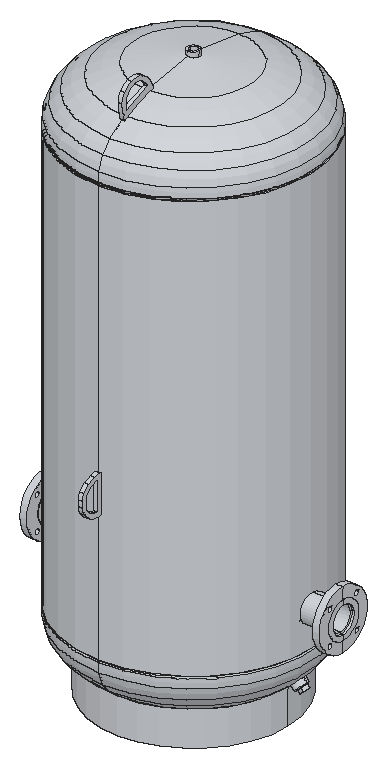
Revit family "CBT-200-3", category Generic Models, Revit 2014
Parameters (values of type "CBT-200-2")
  URL = "http://westank.com/"
  Part Number = 55300200
  Model = "CBT-200-2"
  Maximum Shipping Weight = 555 lbf
  Flange Connector Diameter = 3"
  Description = "Wessels ASME Chilled Water Buffer Tanks (CBT) are designed for chilled water systems with insufficient water volume capacity in relation to the chiller capacity."
  D = 14 1/2"
  C = 24"
  B = 72"
  A = 30"
Reference planes (in)
  plane 1 "Center (Front/Back)": y = 0
  plane 2: z = 0
  plane 3 "Center (Left/Right)": x = 0
  plane 4: through (12.55282, -180, 5.24135) normal (0.8192, 0, -0.5736)
  plane 5: x = -15
  plane 6: x = 15
  plane 7: z = 0
  plane 8: z = 72
  plane 9: y = 15
  plane 10: y = -15
  plane 11: x = -12
  plane 12: x = 12
  plane 13: z = 14.5
Forms (in)
  Revolve 1, solid
    sketch origin (0, -0.02461, 0) x (0, 1, 0) y (0, 0, 1)
      loop
        line (-14.97539, 9.87397) -> (-14.812, 9.87397)
        arc (-14.812, 9.87397) -> (-14.83596, 9.78454) -> (-14.90143, 9.71907) r 0.17887
        arc (-14.90143, 9.71907) -> (-14.94991, 9.64836) -> (-14.97579, 9.56662) r 0.29232
        arc (-14.97579, 9.56662) -> (-14.96586, 8.98455) -> (-14.89468, 8.40676) r 5.51955
        arc (-14.89468, 8.40676) -> (-14.65184, 7.56116) -> (-14.23912, 6.78419) r 4.22443
        arc (-14.23912, 6.78419) -> (-13.71208, 6.0842) -> (-13.11424, 5.44361) r 8.30764
        arc (-13.11424, 5.44361) -> (-11.99363, 4.5369) -> (-10.73315, 3.83755) r 8.30764
        arc (-10.73315, 3.83755) -> (-9.02248, 3.06195) -> (-7.23223, 2.49367) r 15.88746
        arc (-7.23223, 2.49367) -> (-3.63165, 1.79117) -> (0.02461, 1.49214) r 33.04234
        line (0.02461, 1.49214) -> (0.02461, 1.66407)
        arc (0.02461, 1.66407) -> (-3.61037, 1.96174) -> (-7.19, 2.66027) r 32.87047
        arc (-7.19, 2.66027) -> (-8.96351, 3.22342) -> (-10.65802, 3.99223) r 15.71558
        arc (-10.65802, 3.99223) -> (-11.8952, 4.67783) -> (-12.99495, 5.56734) r 8.13577
        arc (-12.99495, 5.56734) -> (-13.58042, 6.19468) -> (-14.09655, 6.88019) r 8.13577
        arc (-14.09655, 6.88019) -> (-14.49248, 7.62554) -> (-14.72544, 8.43674) r 4.05256
        arc (-14.72544, 8.43674) -> (-14.79395, 8.9901) -> (-14.80447, 9.54759) r 5.34767
        arc (-14.80447, 9.54759) -> (-14.7971, 9.56945) -> (-14.78569, 9.5895) r 0.12044
        arc (-14.78569, 9.5895) -> (-14.67439, 9.72277) -> (-14.64064, 9.89308) r 0.35074
        line (-14.64064, 9.89308) -> (-14.84715, 9.89308) -> (-14.84715, 63.61189) -> (-14.64151, 63.61189)
        arc (-14.64151, 63.61189) -> (-14.67184, 63.78882) -> (-14.78573, 63.92758) r 0.35074
        arc (-14.78573, 63.92758) -> (-14.79712, 63.94763) -> (-14.80449, 63.96948) r 0.12045
        arc (-14.80449, 63.96948) -> (-14.79397, 64.52697) -> (-14.72546, 65.08033) r 5.34768
        arc (-14.72546, 65.08033) -> (-14.4925, 65.89153) -> (-14.09657, 66.63689) r 4.05257
        arc (-14.09657, 66.63689) -> (-13.58043, 67.3224) -> (-12.99497, 67.94973) r 8.13578
        arc (-12.99497, 67.94973) -> (-11.89524, 68.83924) -> (-10.65807, 69.52483) r 8.13578
        arc (-10.65807, 69.52483) -> (-8.96355, 70.29364) -> (-7.19005, 70.85678) r 15.71558
        arc (-7.19005, 70.85678) -> (-3.61055, 71.55529) -> (0.02429, 71.85297) r 32.87045
        line (0.02429, 71.85297) -> (0.02429, 72.02671)
        arc (0.02429, 72.02671) -> (-3.63245, 71.72766) -> (-7.2335, 71.02507) r 33.04334
        arc (-7.2335, 71.02507) -> (-9.02402, 70.45667) -> (-10.73493, 69.68092) r 15.88853
        arc (-10.73493, 69.68092) -> (-11.99625, 68.98117) -> (-13.11754, 68.07383) r 8.30893
        arc (-13.11754, 68.07383) -> (-13.7162, 67.43239) -> (-14.24389, 66.7314) r 8.30923
        arc (-14.24389, 66.7314) -> (-14.65697, 65.95395) -> (-14.90005, 65.1078) r 4.22701
        arc (-14.90005, 65.1078) -> (-14.97148, 64.52727) -> (-14.98111, 63.94244) r 5.52257
        arc (-14.98111, 63.94244) -> (-14.95423, 63.85606) -> (-14.90267, 63.78173) r 0.29803
        arc (-14.90267, 63.78173) -> (-14.837, 63.7147) -> (-14.81302, 63.62397) r 0.18362
        line (-14.81302, 63.62397) -> (-14.97539, 63.62397) -> (-14.97539, 9.87397)
      axis (0.02461, 1.49214) -> (0.02461, 72.02671)
    angle from 0 to 360
  Revolve 2, solid
    sketch origin (0, 0, -0.00013) x (-1, 0, 0) y (0, 0, 1)
      loop
        line (17.81367, 12.75376) -> (17.81367, 12.37446) -> (18.06367, 12.37446) -> (18.06367, 10.7502) -> (18.9375, 10.7502) -> (18.9375, 12.18553) -> (19, 12.18553) -> (19, 12.75376) -> (17.81367, 12.75376)
      axis (19, 14.50013) -> (17.81367, 14.50013)
    angle from 0 to 360
  Revolve 3, solid
    sketch origin (-1.82085, 0, 2.88409) x (0.981353, 0, -0.192215) y (0.192215, 0, 0.981353)
      loop
        line (14.71753, 6.11956) -> (14.66586, 6.1556) -> (14.25436, 5.56561) -> (14.86992, 5.13627) -> (15.24588, 5.6753) -> (15.19462, 5.71106) -> (15.31904, 5.88945) -> (14.80641, 6.24699) -> (14.71753, 6.11956)
      axis (14.25436, 5.56561) -> (14.86992, 5.13627)
    angle from 0 to 360
  Extrusion 4, solid
    sketch origin (13.38203, -180, 6.13049) x (0.718765, 0, 0.695254) y (0, -1, 0)
      loop
        line (-0.16036, -179.52645) -> (-0.95521, -179.68698) -> (-0.79485, -180.48095) -> (0, -180.32042) -> (-0.16036, -179.52645)
    from 1.02698 to 1.52678
  Extrusion 5, solid
    sketch origin (0, -2.93535, 4.97257) x (0, 1, 0) y (0, 0, 1)
      loop
        line (-11.80939, 21.32958) -> (-11.80939, 26.20627)
        arc (-11.80939, 26.20627) -> (-12.41648, 26.16001) -> (-13.01533, 26.05008) r 5.77422
        arc (-13.01533, 26.05008) -> (-13.49297, 25.89754) -> (-13.94252, 25.67548) r 3.35288
        arc (-13.94252, 25.67548) -> (-14.34081, 25.36666) -> (-14.64962, 24.96837) r 2.0073
        arc (-14.64962, 24.96837) -> (-14.80343, 24.58932) -> (-14.88788, 24.18906) r 2.30742
        arc (-14.88788, 24.18906) -> (-14.91277, 23.77188) -> (-14.88788, 23.3547) r 3.50846
        arc (-14.88788, 23.3547) -> (-14.79412, 22.92876) -> (-14.61961, 22.52904) r 2.24053
        arc (-14.61961, 22.52904) -> (-14.27401, 22.08806) -> (-13.80999, 21.77406) r 1.8078
        arc (-13.80999, 21.77406) -> (-13.34321, 21.55591) -> (-12.84107, 21.44044) r 2.44481
        arc (-12.84107, 21.44044) -> (-12.32833, 21.35617) -> (-11.80939, 21.32958) r 4.65484
      loop
        arc (-12.44611, 25.63929) -> (-12.67227, 25.60073) -> (-12.89654, 25.55235) r 5.2625
        arc (-12.89654, 25.55235) -> (-13.30128, 25.42308) -> (-13.68221, 25.23491) r 2.84116
        arc (-13.68221, 25.23491) -> (-13.97364, 25.01013) -> (-14.20134, 24.72098) r 1.49558
        arc (-14.20134, 24.72098) -> (-14.3163, 24.43235) -> (-14.37979, 24.12821) r 1.7957
        arc (-14.37979, 24.12821) -> (-14.40106, 23.77188) -> (-14.37979, 23.41555) r 2.99674
        arc (-14.37979, 23.41555) -> (-14.30745, 23.08689) -> (-14.17279, 22.77846) r 1.72881
        arc (-14.17279, 22.77846) -> (-13.91552, 22.45353) -> (-13.56884, 22.22643) r 1.29608
        arc (-13.56884, 22.22643) -> (-13.1779, 22.0402) -> (-12.75531, 21.94566) r 1.9331
        arc (-12.75531, 21.94566) -> (-12.60126, 21.91347) -> (-12.44611, 21.88716) r 4.14312
        line (-12.44611, 21.88716) -> (-12.44611, 25.63929)
    from -0.24366 to 0.25634
  Extrusion 6, solid
    sketch origin (0, -26.96034, 51.14612) x (0, 0.366501, -0.930418) y (0, 0.930418, 0.366501)
      loop
        arc (-11.9298, 25.67102) -> (-12.15596, 25.63246) -> (-12.38023, 25.58408) r 5.2625
        arc (-12.38023, 25.58408) -> (-12.78497, 25.45482) -> (-13.16591, 25.26664) r 2.84116
        arc (-13.16591, 25.26664) -> (-13.45733, 25.04186) -> (-13.68503, 24.75271) r 1.49558
        arc (-13.68503, 24.75271) -> (-13.8, 24.46408) -> (-13.86349, 24.15994) r 1.7957
        arc (-13.86349, 24.15994) -> (-13.88475, 23.80361) -> (-13.86349, 23.44728) r 2.99674
        arc (-13.86349, 23.44728) -> (-13.79114, 23.11862) -> (-13.65649, 22.81019) r 1.72881
        arc (-13.65649, 22.81019) -> (-13.39922, 22.48527) -> (-13.05253, 22.25816) r 1.29608
        arc (-13.05253, 22.25816) -> (-12.66159, 22.07193) -> (-12.239, 21.97739) r 1.9331
        arc (-12.239, 21.97739) -> (-12.08496, 21.94521) -> (-11.9298, 21.91889) r 4.14312
        line (-11.9298, 21.91889) -> (-11.9298, 25.67102)
      loop
        line (-10.9298, 21.34797) -> (-10.9298, 26.14148)
        arc (-10.9298, 26.14148) -> (-11.99706, 26.18465) -> (-13.02719, 25.90227) r 3.48194
        arc (-13.02719, 25.90227) -> (-13.54727, 25.6041) -> (-13.99851, 25.20943) r 3.03185
        arc (-13.99851, 25.20943) -> (-14.28248, 24.55653) -> (-14.39992, 23.8543) r 2.91879
        arc (-14.39992, 23.8543) -> (-14.3348, 23.1787) -> (-14.08611, 22.54717) r 2.44012
        arc (-14.08611, 22.54717) -> (-13.716, 22.08641) -> (-13.21844, 21.76749) r 1.83162
        arc (-13.21844, 21.76749) -> (-12.09799, 21.42749) -> (-10.9298, 21.34797) r 5.1769
    from -0.24366 to 0.25634
  Extrusion 7, solid
    sketch origin (0, 0, 0) x (1, 0, 0) y (0, 1, 0)
      loop
        circle (0, 0) r 0.75
      loop
        circle (0, 0) r 0.5
    from 71.36613 to 72.49354
  Extrusion 8, void
    sketch origin (0, 0.13917, 0.41738) x (0, 1, 0) y (0, 0, -1)
      loop
        circle (1.95902, -16.21103) r 0.37532
      loop
        circle (2.0068, -11.95417) r 0.37532
      loop
        circle (-2.26242, -16.18597) r 0.37532
      loop
        circle (-2.23501, -11.97923) r 0.37532
    from 15.80097 to 20.25
  Extrusion 9, void
    sketch origin (0, 0, 0) x (1, 0, 0) y (0, 1, 0)
      loop
        circle (0, 0) r 0.5
    from 70.90268 to 73.75579
  Revolve 10, solid
    sketch origin (0, 0, 0) x (1, 0, 0) y (0, 0, 1)
      loop
        line (11.87609, 4.44941) -> (11.87609, 0) -> (12, 0) -> (12, 4.44941) -> (11.87609, 4.44941)
      axis (0, 4.44941) -> (0, 0)
    angle from 0 to 360
  Revolve 11, solid
    sketch origin (0, 0, -0.00013) x (1, 0, 0) y (0, 0, 1)
      loop
        line (-14.37585, 12.96677) -> (-18.625, 12.96677) -> (-18.625, 12.74998) -> (-14.37585, 12.74998) -> (-14.37585, 12.96677)
      axis (-18.625, 14.50013) -> (-14.37585, 14.50013)
    angle from 0 to 360
  Extrusion 12, void
    sketch origin (0, 0, 0.25) x (0, 1, 0) y (0, 0, 1)
      loop
        circle (0, 14.25) r 1.53336
    from -18.86806 to 18.76515
  Revolve 13, solid
    sketch origin (0, 0, -0.00013) x (1, 0, 0) y (0, 0, 1)
      loop
        line (17.81367, 12.75376) -> (17.81367, 12.37446) -> (18.06367, 12.37446) -> (18.06367, 10.7502) -> (18.9375, 10.7502) -> (18.9375, 12.18553) -> (19, 12.18553) -> (19, 12.75376) -> (17.81367, 12.75376)
      axis (19, 14.50013) -> (17.81367, 14.50013)
    angle from 0 to 360
  Extrusion 14, void
    sketch origin (0, 0.13917, 0.41738) x (0, 1, 0) y (0, 0, 1)
      loop
        circle (1.95902, 16.21103) r 0.37532
      loop
        circle (2.0068, 11.95417) r 0.37532
      loop
        circle (-2.26242, 16.18597) r 0.37532
      loop
        circle (-2.23501, 11.97923) r 0.37532
    from 15.80097 to 20.25
  Revolve 15, solid
    sketch origin (0, 0, -0.00013) x (-1, 0, 0) y (0, 0, 1)
      loop
        line (-14.37585, 12.96677) -> (-18.625, 12.96677) -> (-18.625, 12.74998) -> (-14.37585, 12.74998) -> (-14.37585, 12.96677)
      axis (-18.625, 14.50013) -> (-14.37585, 14.50013)
    angle from 0 to 360
Cuts and joins
  joined: Extrusion 4, Extrusion 5, Extrusion 6, Extrusion 7, Revolve 10
  Extrusion 9, Extrusion 12 cuts Revolve 1
  Extrusion 8, Extrusion 14 cuts Revolve 2
  Extrusion 14 cuts Revolve 13
Dimensions and locks (in)
  equal spacing: plane 6, plane 3 "Center (Left/Right)", plane 5
  "A": plane 6 to plane 5
  "B": plane 8 to level
  equal spacing: plane 9, plane 1 "Center (Front/Back)", plane 10
  "A": plane 9 to plane 10
  equal spacing: plane 12, plane 3 "Center (Left/Right)", plane 11
  "C": plane 12 to plane 11
  "D": plane 13 to level
  aligned and locked: plane 2 to level
  aligned and locked: Revolve 10 sketch curve to plane 3 "Center (Left/Right)"
Automatic sketch dimensions
  Revolve 1 sketch curve to Revolve 1 sketch curve = 0"  (x33)
  Revolve 1 sketch curve to plane 10 = 0"
  Revolve 1 sketch curve to plane 1 "Center (Front/Back)" = 0"  (x2)
  Revolve 1 sketch curve to Revolve 1 sketch curve = 0.01547"
  plane 10 to Revolve 1 sketch curve = 0.01547"
  Revolve 1 sketch curve to Revolve 1 sketch curve = 0.00578"
  Revolve 1 sketch curve to plane 10 = 0.12824"
  Revolve 1 sketch curve to Revolve 1 sketch curve = 0.03413"
  Revolve 1 sketch curve to Revolve 1 sketch curve = 9/256"
  Revolve 1 sketch curve to plane 10 = 0.28821"
  Revolve 1 sketch curve to plane 10 = 0.28822"
  Revolve 1 sketch curve to Revolve 1 sketch curve = 0.00078"
  Revolve 1 sketch curve to Revolve 1 sketch curve = 0.17151"
  Revolve 1 sketch curve to Revolve 1 sketch curve = 0.17135"
  Revolve 1 sketch curve to Revolve 1 sketch curve = 3.94929"
  Revolve 1 sketch curve to Revolve 1 sketch curve = 0.00287"
  Revolve 1 sketch curve to Revolve 1 sketch curve = 3.95216"
  Revolve 1 sketch curve to Revolve 1 sketch curve = 1.2728"
  Revolve 1 sketch curve to Revolve 1 sketch curve = 0.00246"
  Revolve 1 sketch curve to Revolve 1 sketch curve = 1.27526"
  Revolve 1 sketch curve to Revolve 1 sketch curve = 2.11145"
  Revolve 1 sketch curve to Revolve 1 sketch curve = 0.00084"
  Revolve 1 sketch curve to Revolve 1 sketch curve = 0.00187"
  Revolve 1 sketch curve to Revolve 1 sketch curve = 2.11171"
  plane 1 "Center (Front/Back)" to Revolve 1 sketch curve = 3.35442"
  Revolve 1 sketch curve to Revolve 1 sketch curve = 0.00082"
  plane 1 "Center (Front/Back)" to Revolve 1 sketch curve = 3.35353"
  plane 1 "Center (Front/Back)" to Revolve 1 sketch curve = 0.00031"
  Revolve 1 sketch curve to plane 1 "Center (Front/Back)" = 0.86039"
  Revolve 1 sketch curve to Revolve 1 sketch curve = 0.00067"
  Revolve 1 sketch curve to plane 1 "Center (Front/Back)" = 0.86116"
  level to Revolve 1 sketch curve = 1.49214"
  Revolve 1 sketch curve to Revolve 1 sketch curve = 0.17193"
  Revolve 1 sketch curve to plane 13 = 5.35634"
  Revolve 1 sketch curve to Revolve 1 sketch curve = 0.22592"
  Revolve 1 sketch curve to Revolve 1 sketch curve = 0.37656"
  Revolve 1 sketch curve to Revolve 1 sketch curve = 0.35376"
  Revolve 1 sketch curve to Revolve 1 sketch curve = 0.01911"  (x2)
  Revolve 1 sketch curve to Revolve 1 sketch curve = 2 7/128"
  plane 13 to Revolve 1 sketch curve = 3.39417"
  Revolve 1 sketch curve to Revolve 1 sketch curve = 16.62909"
  Revolve 1 sketch curve to Revolve 1 sketch curve = 4.47055"
  Revolve 1 sketch curve to Revolve 1 sketch curve = 0.00077"
  Revolve 1 sketch curve to plane 8 = 16.37712"
  Revolve 1 sketch curve to Revolve 1 sketch curve = 0.00068"
  Revolve 1 sketch curve to Revolve 1 sketch curve = 6.46799"
  Revolve 1 sketch curve to Revolve 1 sketch curve = 0.00123"
  Revolve 1 sketch curve to Revolve 1 sketch curve = 0.00005"
  Revolve 1 sketch curve to Revolve 1 sketch curve = 1.52034"
  Revolve 1 sketch curve to Revolve 1 sketch curve = 0.01209"
  Revolve 1 sketch curve to Revolve 1 sketch curve = 0.3749"
  Revolve 1 sketch curve to Revolve 1 sketch curve = 0.01007"
  Revolve 1 sketch curve to Revolve 1 sketch curve = 2.05124"
  Revolve 1 sketch curve to Revolve 1 sketch curve = 0.00348"
  Revolve 1 sketch curve to Revolve 1 sketch curve = 0.2261"
  Revolve 1 sketch curve to Revolve 1 sketch curve = 0.0033"
  Revolve 1 sketch curve to plane 8 = 0.14703"
  plane 8 to Revolve 1 sketch curve = 0.02671"
  plane 10 to Revolve 1 sketch curve = 0.0004"
  plane 10 to Revolve 1 sketch curve = 0.00572"
  Revolve 1 sketch curve to plane 10 = 0.07272"
  Revolve 1 sketch curve to plane 10 = 0.07396"
  Revolve 1 sketch curve to Revolve 1 sketch curve = 0.11808"
  Revolve 1 sketch curve to Revolve 1 sketch curve = 0.11729"
  Revolve 1 sketch curve to Revolve 1 sketch curve = 0.01876"
  Revolve 1 sketch curve to Revolve 1 sketch curve = 0.01878"
  Revolve 1 sketch curve to Revolve 1 sketch curve = 0.14732"
  Revolve 1 sketch curve to Revolve 1 sketch curve = 0.97903"
  Revolve 1 sketch curve to Revolve 1 sketch curve = 0.98231"
  Revolve 1 sketch curve to Revolve 1 sketch curve = 0.12257"
  Revolve 1 sketch curve to Revolve 1 sketch curve = 0.1193"
  Revolve 1 sketch curve to plane 8 = 2.31908"
  Revolve 1 sketch curve to Revolve 1 sketch curve = 2.26179"
  Revolve 1 sketch curve to Revolve 1 sketch curve = 0.07686"
  Revolve 1 sketch curve to Revolve 1 sketch curve = 0.07513"
  Revolve 1 sketch curve to Revolve 1 sketch curve = 5.63017"
  Revolve 1 sketch curve to Revolve 1 sketch curve = 1.88017"
  Revolve 2 sketch curve to plane 13 = 0"
  plane 5 to Revolve 2 sketch curve = 2.81367"
  Revolve 2 sketch curve to Revolve 2 sketch curve = 1/4"
  Revolve 2 sketch curve to Revolve 2 sketch curve = 0.87383"
  Revolve 2 sketch curve to Revolve 2 sketch curve = 1/16"
  plane 13 to Revolve 2 sketch curve = 1.74637"
  Revolve 2 sketch curve to Revolve 2 sketch curve = 0.3793"
  Revolve 2 sketch curve to Revolve 2 sketch curve = 0.56823"
  Revolve 2 sketch curve to Revolve 2 sketch curve = 1.62426"
  Revolve 2 sketch curve to plane 5 = 0.66921"
  Revolve 2 sketch curve to Revolve 2 sketch curve = 0.68278"
  plane 4 to Revolve 3 sketch curve = 0.35169"
  plane 12 to Revolve 3 sketch curve = 1.2375"
  Revolve 3 sketch curve to Revolve 3 sketch curve = 0.4115"
  Revolve 3 sketch curve to Revolve 3 sketch curve = 0.05167"
  Revolve 3 sketch curve to Revolve 3 sketch curve = 0.08888"
  Revolve 3 sketch curve to Revolve 3 sketch curve = 0.61556"
  Revolve 3 sketch curve to Revolve 3 sketch curve = 0.47709"
  Revolve 3 sketch curve to Revolve 3 sketch curve = 0.05126"
  Revolve 3 sketch curve to Revolve 3 sketch curve = 0.42934"
  Revolve 3 sketch curve to Revolve 3 sketch curve = 0.12768"
  Revolve 3 sketch curve to Revolve 3 sketch curve = 0"  (x2)
  Revolve 3 sketch curve to Revolve 3 sketch curve = 0.08905"
  plane 1 "Center (Front/Back)" to Extrusion 4 sketch curve = 0.31302"
  Extrusion 4 sketch curve to plane 1 "Center (Front/Back)" = 0.48095"
  Extrusion 4 sketch curve to Extrusion 4 sketch curve = 0.16036"  (x2)
  plane 1 "Center (Front/Back)" to Extrusion 4 sketch curve = 0.47355"
  Extrusion 4 sketch curve to Extrusion 4 sketch curve = 0.79485"
  Extrusion 4 sketch curve to plane 1 "Center (Front/Back)" = 0.32042"
  Extrusion 5 sketch curve to Extrusion 5 sketch curve = 0"  (x24)
  plane 10 to Extrusion 5 sketch curve = 0.97644"
  Extrusion 5 sketch curve to Extrusion 5 sketch curve = 0.11966"
  Extrusion 5 sketch curve to Extrusion 5 sketch curve = 0.25819"
  Extrusion 5 sketch curve to Extrusion 5 sketch curve = 17/256"
  Extrusion 5 sketch curve to Extrusion 5 sketch curve = 0.04958"
  plane 10 to Extrusion 5 sketch curve = 0.38146"
  plane 10 to Extrusion 5 sketch curve = 0.17231"
  Extrusion 5 sketch curve to plane 10 = 0.25526"
  Extrusion 5 sketch curve to plane 10 = 0.23364"
  Extrusion 5 sketch curve to plane 10 = 0.38981"
  Extrusion 5 sketch curve to plane 10 = 0.66033"
  plane 13 to Extrusion 5 sketch curve = 10.90619"
  Extrusion 5 sketch curve to Extrusion 5 sketch curve = 0.89596"
  Extrusion 5 sketch curve to Extrusion 5 sketch curve = 0.55758"
  Extrusion 5 sketch curve to Extrusion 5 sketch curve = 0.90165"
  Extrusion 5 sketch curve to Extrusion 5 sketch curve = 0.62139"
  Extrusion 5 sketch curve to Extrusion 5 sketch curve = 27/128"
  Extrusion 5 sketch curve to Extrusion 5 sketch curve = 0.15076"
  Extrusion 5 sketch curve to Extrusion 5 sketch curve = 0.24641"
  Extrusion 5 sketch curve to Extrusion 5 sketch curve = 0.04716"
  Extrusion 5 sketch curve to Extrusion 5 sketch curve = 0.0326"
  Extrusion 5 sketch curve to Extrusion 5 sketch curve = 1.7246"
  Extrusion 5 sketch curve to Extrusion 5 sketch curve = 0.34507"
  Extrusion 5 sketch curve to Extrusion 5 sketch curve = 0.2219"
  Extrusion 5 sketch curve to Extrusion 5 sketch curve = 1.12273"
  Extrusion 5 sketch curve to Extrusion 5 sketch curve = 0.78568"
  Extrusion 5 sketch curve to Extrusion 5 sketch curve = 0.24115"
  Extrusion 5 sketch curve to Extrusion 5 sketch curve = 0.2603"
  Extrusion 5 sketch curve to Extrusion 5 sketch curve = 0.60395"
  Extrusion 5 sketch curve to Extrusion 5 sketch curve = 0.51913"
  Extrusion 5 sketch curve to Extrusion 5 sketch curve = 0.44682"
  Extrusion 5 sketch curve to Extrusion 5 sketch curve = 0.44829"
  Extrusion 7 sketch curve to Extrusion 7 sketch curve = 0"  (x2)
  plane 1 "Center (Front/Back)" to Extrusion 7 sketch curve = 0"
  Extrusion 7 sketch curve to plane 3 "Center (Left/Right)" = 0"
  plane 1 "Center (Front/Back)" to Extrusion 8 sketch curve = 2.12326"
  plane 1 "Center (Front/Back)" to Extrusion 8 sketch curve = 2.09584"
  Extrusion 8 sketch curve to plane 1 "Center (Front/Back)" = 2.09819"
  Extrusion 8 sketch curve to plane 1 "Center (Front/Back)" = 2.14597"
  plane 13 to Extrusion 8 sketch curve = 2.12841"
  plane 13 to Extrusion 8 sketch curve = 2.10334"
  Extrusion 8 sketch curve to plane 13 = 2.10339"
  Extrusion 8 sketch curve to plane 13 = 2.12846"
  Extrusion 9 sketch curve to Extrusion 9 sketch curve = 0"  (x2)
  plane 1 "Center (Front/Back)" to Extrusion 9 sketch curve = 0"
  Extrusion 9 sketch curve to plane 3 "Center (Left/Right)" = 0"
  Extrusion 9 sketch curve to plane 3 "Center (Left/Right)" = 1/2"
  Revolve 10 sketch curve to level = 0"
  Revolve 10 sketch curve to plane 12 = 0"
  Revolve 10 sketch curve to plane 12 = 0.12391"
  level to Revolve 10 sketch curve = 4.44941"
  level to Revolve 10 sketch curve = 4.69941"
  Revolve 10 sketch curve to Revolve 10 sketch curve = 1"
  Revolve 11 sketch curve to plane 13 = 0"
  Revolve 11 sketch curve to plane 13 = 1.53336"
  Revolve 11 sketch curve to plane 5 = 3 5/8"
  plane 5 to Revolve 11 sketch curve = 0.62415"
  Revolve 11 sketch curve to Revolve 11 sketch curve = 0.2168"
  plane 5 to Revolve 11 sketch curve = 0.51485"
  Revolve 11 sketch curve to Revolve 11 sketch curve = 0.36015"
  Revolve 13 sketch curve to plane 13 = 0"
  plane 6 to Revolve 13 sketch curve = 2.81367"
  Revolve 13 sketch curve to Revolve 13 sketch curve = 1/4"
  Revolve 13 sketch curve to Revolve 13 sketch curve = 0.87383"
  Revolve 13 sketch curve to Revolve 13 sketch curve = 1/16"
  Revolve 13 sketch curve to plane 13 = 1.74637"
  Revolve 13 sketch curve to Revolve 13 sketch curve = 0.3793"
  Revolve 13 sketch curve to Revolve 13 sketch curve = 0.56823"
  Revolve 13 sketch curve to Revolve 13 sketch curve = 1.62426"
  Revolve 13 sketch curve to plane 6 = 0.66921"
  Revolve 13 sketch curve to Revolve 13 sketch curve = 0.68278"
  plane 1 "Center (Front/Back)" to Extrusion 14 sketch curve = 2.12326"
  plane 1 "Center (Front/Back)" to Extrusion 14 sketch curve = 2.09584"
  Extrusion 14 sketch curve to plane 1 "Center (Front/Back)" = 2.09819"
  Extrusion 14 sketch curve to plane 1 "Center (Front/Back)" = 2.14597"
  Extrusion 14 sketch curve to plane 13 = 2.12846"
  Extrusion 14 sketch curve to plane 13 = 2.10339"
  plane 13 to Extrusion 14 sketch curve = 2.10334"
  plane 13 to Extrusion 14 sketch curve = 2.12841"
  Revolve 15 sketch curve to plane 13 = 0"
  plane 13 to Revolve 15 sketch curve = 1.53336"
  Revolve 15 sketch curve to plane 6 = 3 5/8"
  plane 6 to Revolve 15 sketch curve = 0.62415"
  Revolve 15 sketch curve to Revolve 15 sketch curve = 0.2168"
  plane 6 to Revolve 15 sketch curve = 0.51485"
  Revolve 15 sketch curve to Revolve 15 sketch curve = 0.36015"
  Extrusion 12 sketch curve to plane 1 "Center (Front/Back)" = 0"
  Extrusion 12 sketch curve to plane 13 = 0"
  Extrusion 12 sketch curve to Extrusion 12 sketch curve = 1.53336"
  Extrusion 6 sketch curve to plane 8 = 0.60911"
  Extrusion 6 sketch curve to plane 10 = 5.26009"
  Extrusion 6 sketch curve to Extrusion 6 sketch curve = 0.03301"
  Extrusion 6 sketch curve to Extrusion 6 sketch curve = 0.08665"
  Extrusion 6 sketch curve to Extrusion 6 sketch curve = 0.34483"
  Extrusion 6 sketch curve to Extrusion 6 sketch curve = 17/256"
  Extrusion 6 sketch curve to Extrusion 6 sketch curve = 0.04958"
  Extrusion 6 sketch curve to Extrusion 6 sketch curve = 0.06885"
  Extrusion 6 sketch curve to Extrusion 6 sketch curve = 0.15073"
  Extrusion 6 sketch curve to Extrusion 6 sketch curve = 0.36028"
  Extrusion 6 sketch curve to Extrusion 6 sketch curve = 0.06601"
  Extrusion 6 sketch curve to Extrusion 6 sketch curve = 0.11815"
  Extrusion 6 sketch curve to Extrusion 6 sketch curve = 0.47821"
  Extrusion 6 sketch curve to Extrusion 6 sketch curve = 0.6151"
  Extrusion 6 sketch curve to Extrusion 6 sketch curve = 0.15011"
  Extrusion 6 sketch curve to Extrusion 6 sketch curve = 0.77126"
  Extrusion 6 sketch curve to Extrusion 6 sketch curve = 0.3849"
  Extrusion 6 sketch curve to Extrusion 6 sketch curve = 0.59588"
  Extrusion 6 sketch curve to Extrusion 6 sketch curve = 0.3061"
  Extrusion 6 sketch curve to Extrusion 6 sketch curve = 0.31529"
  Extrusion 6 sketch curve to Extrusion 6 sketch curve = 0.0954"
  Extrusion 6 sketch curve to Extrusion 6 sketch curve = 0.80625"
  Extrusion 6 sketch curve to Extrusion 6 sketch curve = 0.57092"
  Extrusion 6 sketch curve to Extrusion 6 sketch curve = 0.88262"
  Extrusion 6 sketch curve to Extrusion 6 sketch curve = 0.00686"
  Extrusion 6 sketch curve to Extrusion 6 sketch curve = 0.20406"
  Extrusion 6 sketch curve to Extrusion 6 sketch curve = 0.59172"
  Extrusion 6 sketch curve to Extrusion 6 sketch curve = 0.09548"
  Extrusion 6 sketch curve to Extrusion 6 sketch curve = 0.07607"
  Extrusion 6 sketch curve to Extrusion 6 sketch curve = 0.15093"
  Extrusion 6 sketch curve to Extrusion 6 sketch curve = 0.04716"
  Extrusion 6 sketch curve to Extrusion 6 sketch curve = 0.0326"
  Extrusion 6 sketch curve to Extrusion 6 sketch curve = 1.7246"
  Extrusion 6 sketch curve to Extrusion 6 sketch curve = 0.34507"
  Extrusion 6 sketch curve to Extrusion 6 sketch curve = 0.12538"
  Extrusion 6 sketch curve to Extrusion 6 sketch curve = 0.37807"
  Extrusion 6 sketch curve to Extrusion 6 sketch curve = 0"  (x6)
  Extrusion 6 sketch curve to Extrusion 6 sketch curve = 0.1659"
  Extrusion 6 sketch curve to Extrusion 6 sketch curve = 0.13872"
  Extrusion 6 sketch curve to Extrusion 6 sketch curve = 0.42962"
  Extrusion 6 sketch curve to Extrusion 6 sketch curve = 0.51913"
  Extrusion 6 sketch curve to Extrusion 6 sketch curve = 0.31348"
  radius of Extrusion 7 sketch curve = 3/4"
  radius of Extrusion 7 sketch curve = 1/2"
  radius of Extrusion 8 sketch curve = 0.37532"  (x4)
  radius of Extrusion 14 sketch curve = 0.37532"  (x4)
Connectors (in)
  piping at (-19, 0, 14.5), diameter 3, driven by "Flange Connector Diameter"
    settings: on Revolve 2, index 1, connector inside diameter 24", connector length 0", flow factor 0, pipe flow 0 GPM, pressure drop 0.00 psi, fitting loss kfactor 0, connector angle 0.00°, fixture units 0, engagement length 0", angle of deflection 0.00°, flow configuration 0, flow direction 0, fitting loss method 0, system type 7, joint type 0, gender type 0, connector reference index 2, connector utility 0, adjustable connector no, is connector primary yes, connector description ""
  piping at (19, 0, 14.5), diameter 3, driven by "Flange Connector Diameter"
    settings: on Revolve 13, index 2, connector inside diameter 24", connector length 0", flow factor 0, pipe flow 0 GPM, pressure drop 0.00 psi, fitting loss kfactor 0, connector angle 0.00°, fixture units 0, engagement length 0", angle of deflection 0.00°, flow configuration 0, flow direction 0, fitting loss method 0, system type 7, joint type 0, gender type 0, connector reference index 1, connector utility 0, adjustable connector no, is connector primary no, connector description ""
